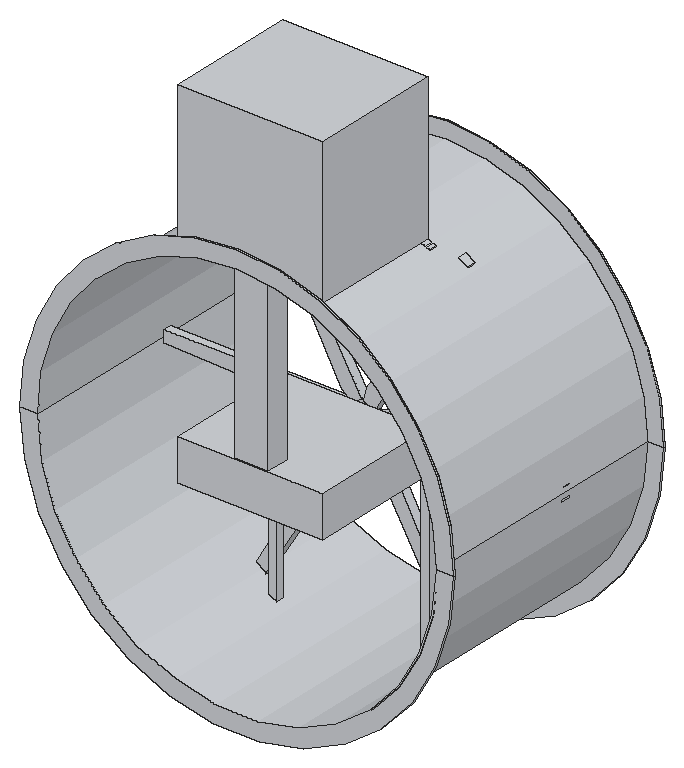
Revit family "ADB", category Mechanical Equipment, Revit 2019
Family settings
  Round Connector Dimension = Use Radius
  Part Type = Normal
  Work Plane-Based = No
  Always vertical = Yes
  Cut with Voids When Loaded = No
  Shared = No
  Room Calculation Point = No
Parameters (values of type "48_ADB")
  Unit Weight [instance] = ""
  Sones [instance] = ""
  Motor RPM [instance] = ""
  Motor Enclosure [instance] = ""
  ModelID [instance] = ""
  LwA [instance] = ""
  Fan RPM [instance] = ""
  B/6 = B / 6  # 0' - 8.79167"
  B/3 = B / 3  # 1' - 5.58333"
  C/2 = C / 2  # 0' - 1 1/16"
  C = 0' - 2 1/8"
  B/2 = B / 2  # 2' - 2 3/8"
  B = 4' - 4 3/4"
  Accessories [instance] = ""
  A/2 = A / 2  # 1' - 4"
  A = 2' - 8"
  60 = 30.00°  # constant formula
  3" = 0' - 3"  # constant formula
  Brake Hp [instance] = ""
  4" = 0' - 4"  # constant formula
  2' = 2' - 0"
  2" = 0' - 2"  # constant formula
  160 = 160.00°  # constant formula
  103 = 103.00°  # constant formula
  1" = 0' - 1"  # constant formula
  0 = 0' - 0"  # constant formula
  Voltage [instance] = 0 V
  URL = "www.lorencook.com"
  Type Comments = "Tube Axial Drum Fan Cast Aluminum Propeller Belt Drive"  # constant formula
  Static Pressure [instance] = 0.00 in-wg
  Power [instance] = Voltage * Motor FLA * sqrt(if(Phase = 3, 3, 1))  # 0 VA
  Phase [instance] = 0
  Number of Poles [instance] = 1
  Motor Hp [instance] = "0"
  Motor FLA [instance] = 0 A
  Model = "ADB"  # constant formula
  Manufacturer = "Loren Cook Company"
  CFM [instance] = 0 CFM
  1.5 = 0' - 1 1/2"  # constant formula
  ONE EIGTH = 0' - 0 1/8"  # constant formula
  -A/2 = -A / 2 - 0' 2"  # -1' - 6"
  (B/2)-C+.125" = (B / 2) - C + 0' 0 1/8"  # 2' - 0 3/8"
  (B-C)-1" = (B / 2 - C / 2) - 0' 1"  # 2' - 0 5/16"
Types (8): name | B/6 | B/3 | C/2 | C | B/2 | B | A/2 | A | -A/2 | (B/2)-C+.125" | (B-C)-1"
  (no name) | 0' - 8.79167" | 1' - 5.58333" | 0' - 1 1/16" | 0' - 2 1/8" | 2' - 2 3/8" | 4' - 4 3/4" | 1' - 4" | 2' - 8" | -1' - 6" | 2' - 0 3/8" | 2' - 0 5/16"
  16_ADB | 0' - 3 1/4" | 0' - 6 1/2" | 0' - 0 3/4" | 0' - 1 1/2" | 0' - 9 3/4" | 1' - 7 1/2" | 0' - 8" | 1' - 4" | -0' - 10" | 0' - 8 3/8" | 0' - 8"
  20_ADB | 0' - 3.91667" | 0' - 7.83333" | 0' - 0 3/4" | 0' - 1 1/2" | 0' - 11 3/4" | 1' - 11 1/2" | 0' - 9" | 1' - 6" | -0' - 11" | 0' - 10 3/8" | 0' - 10"
  24_ADB | 0' - 4.58333" | 0' - 9.16667" | 0' - 0 3/4" | 0' - 1 1/2" | 1' - 1 3/4" | 2' - 3 1/2" | 0' - 10 1/2" | 1' - 9" | -1' - 0 1/2" | 1' - 0 3/8" | 1' - 0"
  30_ADB | 0' - 5.58333" | 0' - 11.16667" | 0' - 0 3/4" | 0' - 1 1/2" | 1' - 4 3/4" | 2' - 9 1/2" | 0' - 11 1/2" | 1' - 11" | -1' - 1 1/2" | 1' - 3 3/8" | 1' - 3"
  36_ADB | 0' - 6.58333" | 1' - 1.16667" | 0' - 0 3/4" | 0' - 1 1/2" | 1' - 7 3/4" | 3' - 3 1/2" | 1' - 1" | 2' - 2" | -1' - 3" | 1' - 6 3/8" | 1' - 6"
  42_ADB | 0' - 7 5/8" | 1' - 3 1/4" | 0' - 0 13/16" | 0' - 1 5/8" | 1' - 10 7/8" | 3' - 9 3/4" | 1' - 3" | 2' - 6" | -1' - 5" | 1' - 9 3/8" | 1' - 9 1/16"
  48_ADB | 0' - 8.79167" | 1' - 5.58333" | 0' - 1 1/16" | 0' - 2 1/8" | 2' - 2 3/8" | 4' - 4 3/4" | 1' - 4" | 2' - 8" | -1' - 6" | 2' - 0 3/8" | 2' - 0 5/16"
Reference planes (in)
  plane 1 "Center (Front/Back)": y = 0
  plane 2: z = 0
  plane 3 "Center (Left/Right)": x = 0.40541
Forms (in)
  Revolve 1, solid
    sketch origin (0, 0, 0) x (1, 0, 0) y (0, 1, 0)
      loop
        line (26.78041, 16) -> (24.65541, 16) -> (24.65541, -16) -> (26.78041, -16) -> (26.78041, -15.875) -> (24.78041, -15.875) -> (24.78041, 15.875) -> (26.78041, 15.875) -> (26.78041, 16)
      axis (0.40541, -16) -> (0.40541, 16)
    angle from 0 to 360
  Extrusion 2, solid
    sketch origin (0.40541, -16, 0) x (0, 0, -1) y (1, 0, 0)
      loop
        arc (-22.73427, -8.79167) -> (-24.375, 0) -> (-22.73427, 8.79167) r 24.375
        line (-22.73427, 8.79167) -> (-40.31761, 8.79167) -> (-40.31761, -8.79167) -> (-22.73427, -8.79167)
    from -2 to -18 <- "-A/2"
  Extrusion 3, solid
    sketch origin (0.40541, -16, 0) x (0, 0, -1) y (1, 0, 0)
      loop
        line (-2, -8.79167) -> (3, -8.79167) -> (3, 8.79167) -> (-2, 8.79167) -> (-2, -8.79167)
    from -2 to -18 <- "-A/2"
  Extrusion 4, solid
    sketch origin (0.40541, -16, 0) x (0, 0, -1) y (1, 0, 0)
      loop
        line (-2, -2) -> (-2, 2) -> (-24.25, 2) -> (-24.25, -2) -> (-2, -2)
    from -2.125 to -5
  Extrusion 5, solid
    sketch origin (0.40541, 2, 0) x (0, 0, 1) y (1, 0, 0)
      loop
        arc (-22.32183, 9.79167) -> (-22.5336, 9.29395) -> (-22.73427, 8.79167) r 24.375
        line (-22.73427, 8.79167) -> (22.73427, 8.79167)
        arc (22.73427, 8.79167) -> (22.5336, 9.29395) -> (22.32183, 9.79167) r 24.375
        line (22.32183, 9.79167) -> (-22.32183, 9.79167)
      loop
        line (-22.32183, -9.79167) -> (22.32183, -9.79167)
        arc (22.32183, -9.79167) -> (22.5336, -9.29395) -> (22.73427, -8.79167) r 24.375
        line (22.73427, -8.79167) -> (-22.73427, -8.79167)
        arc (-22.73427, -8.79167) -> (-22.5336, -9.29395) -> (-22.32183, -9.79167) r 24.375
    from 0 to -1
  Extrusion 6, solid
    sketch origin (0.40541, 2, 0) x (0, 0, 1) y (1, 0, 0)
      loop
        line (1.73205, 0) -> (0.86603, 1.5) -> (-0.86603, 1.5) -> (-1.73205, 0) -> (-0.86603, -1.5) -> (0.86603, -1.5) -> (1.73205, 0)
    from 1 to 2
  Extrusion 7, solid
    sketch origin (0.40541, 2, 0) x (0, 0, 1) y (1, 0, 0)
      loop
        line (0.86603, -1.5) -> (-0.63397, -1.5) -> (-1.1221, -2.95415) -> (-0.58361, -24.3125) -> (0.86603, -24.3125) -> (0.86603, -1.5)
    from 1 to 2
  Extrusion 8, solid
    sketch origin (0.40541, 2, 0) x (0.866025, 0, 0.5) y (0.5, 0, -0.866025)
      loop
        line (0.86603, -1.5) -> (-0.63397, -1.5) -> (-1.1221, -2.95415) -> (-0.58361, -24.3125) -> (0.86603, -24.3125) -> (0.86603, -1.5)
    from 1 to 2
  Extrusion 9, solid
    sketch origin (0.40541, 2, 0) x (0.866025, 0, -0.5) y (-0.5, 0, -0.866025)
      loop
        line (0.86603, -1.5) -> (-0.63397, -1.5) -> (-1.1221, -2.98033) -> (-0.47016, -24.3125) -> (0.86603, -24.3125) -> (0.86603, -1.5)
    from 1 to 2
  Extrusion 10, solid
    sketch origin (0.40541, 2, 0) x (0, 0, -1) y (-1, 0, 0)
      loop
        line (0.86603, -1.5) -> (-0.63397, -1.5) -> (-1.1221, -2.95415) -> (-0.58361, -24.3125) -> (0.86603, -24.3125) -> (0.86603, -1.5)
    from 1 to 2
  Extrusion 11, solid
    sketch origin (0.40541, 2, 0) x (-0.866025, 0, -0.5) y (-0.5, 0, 0.866025)
      loop
        line (0.86603, -1.5) -> (-0.63397, -1.5) -> (-1.1221, -2.95415) -> (-0.58361, -24.3125) -> (0.86603, -24.3125) -> (0.86603, -1.5)
    from 1 to 2
  Extrusion 12, solid
    sketch origin (0.40541, 2, 0) x (-0.866025, 0, 0.5) y (0.5, 0, 0.866025)
      loop
        line (0.86603, -1.5) -> (-0.63397, -1.5) -> (-1.1221, -2.95415) -> (-0.58361, -24.3125) -> (0.86603, -24.3125) -> (0.86603, -1.5)
    from 1 to 2
Lines and regions (in)
  symbolic lines
    curve 1: line (0.40541, 2, 0) -> (7.76663, 2, 4.25)
    curve 2: line (0.40541, 2, 0) -> (-6.7393, 2, 4.125)
    curve 3: line (-6.54054, 2, -4.01025) -> (0.40541, 2, 0)
    curve 4: line (0.40541, 2, 0) -> (6.6841, 2, -3.625)
Dimensions and locks (in)
  "A/2": Revolve 1 sketch curve to plane 1 "Center (Front/Back)"  (x2)
  "B/2": plane 3 "Center (Left/Right)" to Revolve 1 sketch curve
  "C": Revolve 1 sketch curve to Revolve 1 sketch curve  (x2)
  "ONE EIGTH": Revolve 1 sketch curve to Revolve 1 sketch curve  (x3)
  "0": Revolve 1 sketch curve to plane 3 "Center (Left/Right)"
  "B/6": plane 3 "Center (Left/Right)" to Extrusion 2 sketch curve
  "B/6": Extrusion 2 sketch curve to plane 3 "Center (Left/Right)"
  "B/3": Extrusion 2 sketch curve to Extrusion 2 sketch curve  (x2)
  "2"": Extrusion 3 sketch curve to level
  "3"": level to Extrusion 3 sketch curve
  "B/6": plane 3 "Center (Left/Right)" to Extrusion 3 sketch curve
  "B/6": Extrusion 3 sketch curve to plane 3 "Center (Left/Right)"
  "0": Extrusion 4 sketch curve to Revolve 1
  "0": Extrusion 4 sketch curve to Extrusion 3
  "2"": Extrusion 4 sketch curve to plane 3 "Center (Left/Right)"
  "2"": plane 3 "Center (Left/Right)" to Extrusion 4 sketch curve
  "1"": Extrusion 5 sketch curve to Extrusion 5 sketch curve  (x2)
  "0": Extrusion 5 sketch curve to Extrusion 3
  "0": Extrusion 3 to Extrusion 5 sketch curve
  "0": level to Extrusion 5 sketch curve
  "0": Extrusion 5 sketch curve to plane 3 "Center (Left/Right)"  (x3)
  "0": Extrusion 5 sketch curve to level  (x2)
  "(B-C)-1"": plane 3 "Center (Left/Right)" to Extrusion 7 sketch curve
  "0": Extrusion 7 sketch curve to Extrusion 6  (x2)
  "(B-C)-1"": Extrusion 10 sketch curve to plane 3 "Center (Left/Right)"
  "0": Extrusion 6 to Extrusion 10 sketch curve  (x2)
  "0": level to curve 4
  "0": plane 3 "Center (Left/Right)" to curve 4
  "(B-C)-1"": curve 2 to Extrusion 9 sketch curve
  "(B-C)-1"": Extrusion 8 sketch curve to curve 3
  "(B-C)-1"": Extrusion 11 sketch curve to curve 3
  "(B-C)-1"": Extrusion 12 sketch curve to curve 4
  "0": Extrusion 12 sketch curve to Extrusion 6  (x2)
  "1.5": Extrusion 12 sketch curve to Extrusion 12 sketch curve
  "1.5": Extrusion 7 sketch curve to Extrusion 7 sketch curve
  "1.5": Extrusion 10 sketch curve to Extrusion 10 sketch curve
  "0": Extrusion 11 sketch curve to Extrusion 6
  "1.5": Extrusion 11 sketch curve to Extrusion 11 sketch curve
  "0": Extrusion 9 sketch curve to Extrusion 6  (x2)
  "1.5": Extrusion 9 sketch curve to Extrusion 9 sketch curve
  "0": Extrusion 8 sketch curve to Extrusion 6  (x2)
  "1.5": Extrusion 8 sketch curve to Extrusion 8 sketch curve
  "0": Extrusion 2 sketch curve to level
  "0": Extrusion 2 sketch curve to plane 3 "Center (Left/Right)"
  "(B/2)-C+.125"": radius of Extrusion 2 sketch curve
  "(B/2)-C+.125"": radius of Extrusion 5 sketch curve  (x4)
  "160": angle Extrusion 7 sketch curve to Extrusion 7 sketch curve
  "160": angle Extrusion 8 sketch curve to Extrusion 8 sketch curve
  "160": angle Extrusion 9 sketch curve to Extrusion 9 sketch curve
  "160": angle Extrusion 10 sketch curve to Extrusion 10 sketch curve
  "160": angle Extrusion 11 sketch curve to Extrusion 11 sketch curve
  "160": angle Extrusion 12 sketch curve to Extrusion 12 sketch curve
  "60": angle curve 1 to level
  "60": angle level to curve 2
  "60": angle curve 3 to level
  "60": angle level to curve 4
Automatic sketch dimensions
  Revolve 1 sketch curve to plane 1 "Center (Front/Back)" = 0' - 0"
  Revolve 1 sketch curve to Revolve 1 sketch curve = 0' - 4 1/2"
  Extrusion 2 sketch curve to Extrusion 2 sketch curve = 0' - 0"
  Extrusion 5 sketch curve to Extrusion 5 sketch curve = 0' - 0"  (x2)
  Extrusion 7 sketch curve to Extrusion 7 sketch curve = 0' - 0.48813"
  Extrusion 7 sketch curve to Extrusion 7 sketch curve = 0' - 0.5385"
  Extrusion 8 sketch curve to Extrusion 8 sketch curve = 0' - 0.48813"
  Extrusion 8 sketch curve to Extrusion 8 sketch curve = 0' - 0.5385"
  Extrusion 9 sketch curve to Extrusion 9 sketch curve = 0' - 0.48813"
  Extrusion 10 sketch curve to Extrusion 10 sketch curve = 0' - 0.48813"
  Extrusion 10 sketch curve to Extrusion 10 sketch curve = 0' - 0.5385"
  Extrusion 11 sketch curve to Extrusion 11 sketch curve = 0' - 0.48813"
  Extrusion 11 sketch curve to Extrusion 11 sketch curve = 0' - 0.5385"
  Extrusion 12 sketch curve to Extrusion 12 sketch curve = 0' - 0.48813"
  Extrusion 12 sketch curve to Extrusion 12 sketch curve = 0' - 0.5385"
  plane 3 "Center (Left/Right)" to Extrusion 9 sketch curve = 0' - 0.5184"
  Extrusion 11 sketch curve to plane 3 "Center (Left/Right)" = 0' - 0"
Connectors (in)
  hvac at (0.40541, -16, 0), driven by "(B/2)-C+.125""
    settings: on Revolve 1, index 1, duct flow 0 CFM, flow factor 0, pres drop 0.00 in-wg, loss coef 0, conn angle 0.00°, conn width 12", conn height 12", conn diameter 48 3/4", duct sys type 29, conn prof type 0, flow config 0, flow direction 1, loss method 0, conn ref index -1, conn util no, is conn primary yes, conn desc ""
  hvac at (0.40541, 16, 0), driven by "(B/2)-C+.125""
    settings: on Revolve 1, index 2, duct flow 0 CFM, flow factor 0, pres drop 0.00 in-wg, loss coef 0, conn angle 0.00°, conn width 12", conn height 12", conn diameter 48 3/4", duct sys type 29, conn prof type 0, flow config 0, flow direction 2, loss method 0, conn ref index -1, conn util no, is conn primary no, conn desc ""
  electrical at (0.40541, 2, 31.52594)
    settings: on Extrusion 2, index 3, voltage 0 V, apparent load 0 VA, apparent load phase1 0 VA, apparent load phase2 0 VA, apparent load phase3 0 VA, power factor 1, load classification "Other", number of poles 1, system type 30, power factor state 1, is connector primary yes, connector utility no, sub classification motor no, connector description ""
